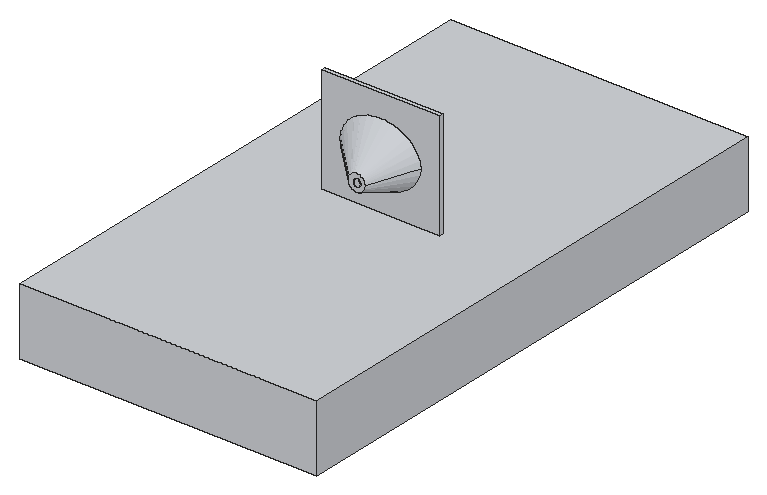
Revit family "M_Lavatório - Oval", category Peças hidrossanitárias, Revit 2019
Family settings
  Hospedeiro = Face
  Cota do conector redondo = Usar raio
  Tipo de parte = Normal
  Número OmniClass = 23.45.05.14.14
  Título OmniClass = Sinks/Lavatories
  ID de item do Seek = Lavatory - Oval-0000-CAN-ENU
  Corte com vazios quando carregada = Não
  Compartilhado = Não
  Ponto de cálculo do ambiente = Não
Parameters (values of type "535 mmx485 mm - Público")
  Raio do sanitário = 16 mm
  Diâmetro do sanitário = Raio do sanitário * 2  # 32 mm
  WFU = 1
  Material da pia = none
  Comprimento do eixo curto oval = 318 mm
  Comprimento do eixo longo oval = 406 mm
  Largura do lavatório = 485 mm
  Comprimento do lavatório = 535 mm
  Altura do lavatório = 152 mm
  Raio da água quente = 7.5 mm
  Diâmetro da água quente = Raio da água quente * 2  # 15 mm
  Comprimento de meio eixo curto oval 1 = Comprimento de meio eixo curto oval - 3.175 mm  # 155.825 mm
  Comprimento de meio eixo curto oval = Comprimento do eixo curto oval / 2  # 159 mm
  Comprimento de meio eixo longo oval 1 = Comprimento de meio eixo longo oval - 3.175 mm  # 199.825 mm
  Comprimento de meio eixo longo oval = Comprimento do eixo longo oval / 2  # 203 mm
  Comprimento de meio lavatório = Comprimento do lavatório / 2  # 267.5 mm
  HWFU = 1.5
  Pressão do fluxo [instance] = 55158.0 Pa
  Material da torneira = none
  Elevação-padrão = 865 mm
  Raio da água gelada = 7.5 mm
  Diâmetro da água gelada = Raio da água gelada * 2  # 15 mm
  CWFU = 1.5
Types (9, lengths in mm): name | Comprimento do eixo curto oval | Comprimento do eixo longo oval | Largura do lavatório | Comprimento do lavatório | Comprimento de meio eixo curto oval 1 | Comprimento de meio eixo curto oval | Comprimento de meio eixo longo oval 1 | Comprimento de meio eixo longo oval | Comprimento de meio lavatório | HWFU | CWFU
  (no name) | 318 | 406 | 485 | 535 | 155.825 | 159 | 199.825 | 203 | 267.5 | 1.5 | 1.5
  535 mmx485 mm - Público | 318 | 406 | 485 | 535 | 155.825 | 159 | 199.825 | 203 | 267.5 | 1.5 | 1.5
  635 mmx510 mm - Público | 406 | 483 | 510 | 635 | 199.825 | 203 | 238.325 | 241.5 | 317.5 | 1.5 | 1.5
  760 mmx610 mm - Público | 318 | 406 | 610 | 760 | 155.825 | 159 | 199.825 | 203 | 380 | 1.5 | 1.5
  915 mmx560 mm - Público | 432 | 508 | 560 | 915 | 212.825 | 216 | 250.825 | 254 | 457.5 | 1.5 | 1.5
  535 mmx485 mm - Privado | 318 | 406 | 485 | 535 | 155.825 | 159 | 199.825 | 203 | 267.5 | 0.5 | 0.5
  635 mmx510 mm - Privado | 406 | 483 | 510 | 635 | 199.825 | 203 | 238.325 | 241.5 | 317.5 | 0.5 | 0.5
  760 mmx610 mm - Privado | 318 | 406 | 610 | 760 | 155.825 | 159 | 199.825 | 203 | 380 | 0.5 | 0.5
  915 mmx560 mm - Privado | 432 | 508 | 560 | 915 | 212.825 | 216 | 250.825 | 254 | 457.5 | 0.5 | 0.5
Reference planes
  plane 1 "Centro (Frente/Trás)": y = 0
  plane 2: z = 0
  plane 3 "Centro (Esquerda/Direita)": x = 0
  plane 4: x = -267.5
  plane 5: x = 267.5
  plane 6: z = 485
  plane 7: y = -152
  plane 8: z = 12.7
  plane 9: z = 63.5
  plane 10: x = -76.2
  plane 11: x = 76.2
  plane 12: y = 25.4
  plane 13: z = 88.9
  plane 14: x = 203
  plane 15: x = -203
  plane 16: z = 247.9
  plane 17: z = 406.9
  plane 18: z = 177.8
  plane 19: y = -19.05
  plane 20: y = -148.825
  plane 21: x = -50.8
  plane 22: x = 50.8
  plane 23: z = 38.1
  plane 24: y = 76.2
  plane 25: x = -12.7
  plane 26: x = 12.7
  plane 27: z = 403.725
  plane 28: z = 92.075
  plane 29: x = 199.825
  plane 30: x = -199.825
Forms (mm)
  Extrusion 1, solid
    sketch origin (0, 0, 0) x (1, 0, 0) y (0, 1, 0)
      loop
        line (-673.9, 1219.2) -> (-673.9, -1219.2) -> (673.9, -1219.2) -> (673.9, 1219.2) -> (-673.9, 1219.2)
    from 0 to -304.8
  Extrusion 2, solid, material <- "Material da pia"
    sketch origin (0, 0, 0) x (1, 0, 0) y (0, 0, 1)
      loop
        line (-267.5, 0) -> (267.5, 0) -> (267.5, 485) -> (-267.5, 485) -> (-267.5, 0)
    from 0 to 19.05
  Extrusion 3, solid, material <- "Material da torneira", detail levels fine
    sketch origin (0, 0, 0) x (1, 0, 0) y (0, 0, 1)
      loop
        line (-76.2, 63.5) -> (-76.2, 12.7) -> (76.2, 12.7) -> (76.2, 63.5) -> (-76.2, 63.5)
    from -25.4 to 0
  Blend 4, solid, material <- "Material da pia"
    base sketch origin (0, 0, 0) x (1, 0, 0) y (0, 0, 1)
      loop
        spline (-203, 247.9) -> (-196.083, 206.748) -> (-175.803, 168.4) -> (-143.543, 135.47) -> (-101.5, 110.202) -> (-52.54, 94.318) -> (0, 88.9) -> (52.54, 94.318) -> (101.5, 110.202) -> (143.543, 135.47) -> (175.803, 168.4) -> (196.083, 206.748) -> (203, 247.9)
        spline (203, 247.9) -> (196.083, 289.052) -> (175.803, 327.4) -> (143.543, 360.33) -> (101.5, 385.598) -> (52.54, 401.482) -> (0, 406.9) -> (-52.54, 401.482) -> (-101.5, 385.598) -> (-143.543, 360.33) -> (-175.803, 327.4) -> (-196.083, 289.052) -> (-203, 247.9)
    top sketch origin (0, 0, 0) x (1, 0, 0) y (0, 0, 1)
      loop
        circle (0, 177.8) r 38.1
    from 0 to 152
  Extrusion 5, solid, material <- "Material da pia"
    sketch origin (0, 0, 0) x (1, 0, 0) y (0, 0, 1)
      loop
        circle (50.8, 38.1) r 12.7
      loop
        circle (-50.8, 38.1) r 12.7
    from 0 to 19.05
  Extrusion 6, solid, material <- "Material da torneira", detail levels fine
    sketch origin (0, 0, 0) x (0, 1, 0) y (0, 0, 1)
      loop
        line (0, 63.5) -> (25.4, 63.5) -> (69.394, 139.7) -> (43.994, 139.7) -> (0, 63.5)
    from -12.7 to 12.7
  Blend 7, void
    base sketch origin (0, 0, 0) x (1, 0, 0) y (0, 0, 1)
      loop
        spline (-199.825, 247.9) -> (-193.016, 207.57) -> (-173.054, 169.987) -> (-141.298, 137.715) -> (-99.912, 112.952) -> (-51.719, 97.385) -> (0, 92.075) -> (51.719, 97.385) -> (99.913, 112.952) -> (141.298, 137.715) -> (173.054, 169.987) -> (193.016, 207.57) -> (199.825, 247.9)
        spline (199.825, 247.9) -> (193.016, 288.23) -> (173.054, 325.812) -> (141.298, 358.085) -> (99.913, 382.848) -> (51.719, 398.415) -> (0, 403.725) -> (-51.719, 398.415) -> (-99.912, 382.848) -> (-141.298, 358.085) -> (-173.054, 325.812) -> (-193.016, 288.23) -> (-199.825, 247.9)
    top sketch origin (0, 0, 0) x (1, 0, 0) y (0, 0, 1)
      loop
        circle (0, 177.8) r 34.925
    from 0 to 148.825
  Extrusion 8, void
    sketch origin (0, 0, 0) x (1, 0, 0) y (0, 0, 1)
      loop
        circle (0, 177.8) r 16
    from 0 to 152
  Extrusion 9, solid, material <- "Material da pia"
    sketch origin (0, 0, 0) x (1, 0, 0) y (0, 0, 1)
      loop
        circle (0, 177.8) r 16
    from 148.825 to 152
  Extrusion 10, solid, material <- "Material da torneira", detail levels fine
    sketch origin (0, 0, 0) x (1, 0, 0) y (0, 0, 1)
      loop
        circle (-50.8, 38.1) r 12.7
      loop
        circle (50.8, 38.1) r 12.7
    from -76.2 to -25.4
Cuts and joins
  joined: Extrusion 3, Extrusion 6, Extrusion 10
  Blend 7 cuts Extrusion 2
  Blend 7, Extrusion 8 cuts Blend 4
  joined: Extrusion 2, Blend 4, Extrusion 5
Lines and regions (mm)
  reference lines
    curve 1: line (0, 0, 63.5) -> (0, 139.7, 305.467)
Dimensions and locks
  "Comprimento de meio lavatório": plane 3 "Centro (Esquerda/Direita)" to plane 4
  "Comprimento do lavatório": plane 5 to plane 4
  "Largura do lavatório": plane 6 to plane 2
  "Altura do lavatório": plane 7 to plane 1 "Centro (Frente/Trás)"
  locked: plane 8 to plane 2 at 12.7
  locked: plane 9 to plane 8 at 50.8
  equal spacing: plane 11, plane 3 "Centro (Esquerda/Direita)", plane 10
  locked: plane 12 to plane 1 "Centro (Frente/Trás)" at 25.4
  locked: plane 9 to plane 13 at 25.4
  "Comprimento do eixo curto oval": plane 13 to plane 17
  equal spacing: plane 13, plane 16, plane 17
  "Comprimento do eixo longo oval": plane 15 to plane 14
  "Comprimento de meio eixo longo oval": plane 3 "Centro (Esquerda/Direita)" to plane 14
  locked: plane 13 to plane 18 at 88.9
  locked: plane 1 "Centro (Frente/Trás)" to plane 19 at 19.05
  locked: plane 20 to plane 7 at 3.175
  locked: plane 10 to plane 21 at 25.4
  locked: plane 11 to plane 22 at 25.4
  equal spacing: plane 8, plane 23, plane 9
  plane 24 to plane 19 = 95.25 mm
  locked: Extrusion 6 sketch curve to Extrusion 6 sketch curve at 25.4
  locked: plane 25 to plane 3 "Centro (Esquerda/Direita)" at 12.7
  locked: plane 3 "Centro (Esquerda/Direita)" to plane 26 at 12.7
  "Comprimento de meio eixo curto oval": Blend 4 sketch curve to Blend 4 sketch curve
  "Comprimento de meio eixo longo oval": Blend 4 sketch curve to Blend 4 sketch curve
  locked: plane 29 to plane 14 at 3.175
  locked: plane 15 to plane 30 at 3.175
  locked: plane 27 to plane 17 at 3.175
  locked: plane 13 to plane 28 at 3.175
  "Comprimento de meio eixo longo oval 1": Blend 7 sketch curve to Blend 7 sketch curve
  "Comprimento de meio eixo curto oval 1": Blend 7 sketch curve to Blend 7 sketch curve
  radius of Blend 4 sketch curve = 38.1 mm
  radius of Extrusion 5 sketch curve = 12.7 mm  (x2)
  radius of Blend 7 sketch curve = 34.925 mm
  "Raio do sanitário": radius of Extrusion 8 sketch curve
  "Raio do sanitário": radius of Extrusion 9 sketch curve
  radius of Extrusion 10 sketch curve = 12.7 mm  (x2)
  locked: plane 1 "Centro (Frente/Trás)" to curve 1 (angle 30.00°)
  aligned and locked: plane 2 to Extrusion 1
  aligned and locked: level to Extrusion 1
  aligned and locked: Extrusion 2 to plane 1 "Centro (Frente/Trás)"
  aligned and locked: Extrusion 2 to plane 4
  aligned and locked: plane 5 to Extrusion 2
  aligned and locked: plane 6 to Extrusion 2
  aligned and locked: Extrusion 2 to plane 2
  aligned and locked: plane 12 to Extrusion 3
  aligned and locked: plane 1 "Centro (Frente/Trás)" to Extrusion 3
  aligned and locked: plane 18 to Blend 4 sketch curve
  aligned and locked: plane 3 "Centro (Esquerda/Direita)" to Blend 4 sketch curve  (x2)
  aligned and locked: Blend 4 to plane 1 "Centro (Frente/Trás)"
  aligned and locked: Blend 4 to plane 7
  aligned and locked: Extrusion 2 to plane 19
  aligned and locked: plane 23 to Extrusion 5 sketch curve  (x2)
  aligned and locked: plane 22 to Extrusion 5 sketch curve
  aligned and locked: plane 21 to Extrusion 5 sketch curve
  aligned and locked: Extrusion 6 sketch curve to plane 9
  aligned and locked: Extrusion 6 to plane 25
  aligned and locked: plane 26 to Extrusion 6
  aligned and locked: plane 16 to Blend 4 sketch curve
  aligned and locked: plane 3 "Centro (Esquerda/Direita)" to Blend 7 sketch curve  (x2)
  aligned and locked: plane 16 to Blend 7 sketch curve
  aligned and locked: plane 18 to Blend 7 sketch curve
  aligned and locked: Blend 7 to plane 20
  aligned and locked: Blend 7 to plane 1 "Centro (Frente/Trás)"
  aligned and locked: Extrusion 5 to plane 19
  aligned and locked: Extrusion 8 to plane 1 "Centro (Frente/Trás)"
  aligned and locked: Extrusion 8 to plane 7
  aligned and locked: cut or joined group of Extrusion 3, Extrusion 6, Extrusion 10 to plane 25
  aligned and locked: plane 26 to cut or joined group of Extrusion 3, Extrusion 6, Extrusion 10
  aligned and locked: plane 3 "Centro (Esquerda/Direita)" to Extrusion 9 sketch curve
  aligned and locked: plane 18 to Extrusion 9 sketch curve
  aligned and locked: Extrusion 9 to plane 7
  aligned and locked: plane 20 to Extrusion 9
  aligned and locked: plane 21 to Extrusion 10 sketch curve
  aligned and locked: plane 22 to Extrusion 10 sketch curve
  aligned and locked: plane 23 to Extrusion 10 sketch curve  (x2)
  aligned and locked: Extrusion 5 to plane 1 "Centro (Frente/Trás)"
  aligned and locked: Extrusion 10 to plane 24
  aligned and locked: Extrusion 10 to plane 12
Automatic sketch dimensions
  Extrusion 2 sketch curve to plane 4 = 0 mm
  Extrusion 2 sketch curve to plane 5 = 0 mm
  Extrusion 2 sketch curve to level = 0 mm
  Extrusion 2 sketch curve to plane 6 = 0 mm
  Extrusion 3 sketch curve to plane 8 = 0 mm
  Extrusion 3 sketch curve to plane 10 = 0 mm
  Extrusion 3 sketch curve to plane 11 = 0 mm
  Extrusion 3 sketch curve to plane 9 = 0 mm
  curve 1 to plane 1 "Centro (Frente/Trás)" = 0 mm
  curve 1 to plane 9 = 0 mm
  Extrusion 6 sketch curve to plane 1 "Centro (Frente/Trás)" = 0 mm
  Extrusion 6 sketch curve to plane 12 = 0 mm
  plane 24 to Extrusion 6 sketch curve = 6.806 mm
  Extrusion 6 sketch curve to plane 18 = 38.1 mm
  Extrusion 8 sketch curve to plane 3 "Centro (Esquerda/Direita)" = 0 mm
  Extrusion 8 sketch curve to plane 18 = 0 mm
  Extrusion 1 sketch curve to Extrusion 1 sketch curve = 1347.8 mm
  Extrusion 1 sketch curve to Extrusion 1 sketch curve = 2438.4 mm
Connectors
  piping at (50.8, -19.05, 38.1), diameter 15, driven by "CWFU", driven by "Raio da água gelada", driven by "Pressão do fluxo"
    settings: on cut or joined group of Extrusion 3, Extrusion 6, Extrusion 10, index 1, connector inside diameter 15 mm, connector length 0 mm, flow factor 0, pipe flow 0.0 L/s, pressure drop 55158.0 Pa, fitting loss kfactor 0, connector angle 0.00°, fixture units 1.5, engagement length 0 mm, angle of deflection 0.00°, flow configuration 3, flow direction 1, fitting loss method 4, system type 20, joint type 0, gender type 0, connector reference index -1, connector utility 0, adjustable connector no, is connector primary yes, connector description "In"
  piping at (-50.8, -19.05, 38.1), diameter 15, driven by "Raio da água quente", driven by "Pressão do fluxo", driven by "HWFU"
    settings: on cut or joined group of Extrusion 3, Extrusion 6, Extrusion 10, index 2, connector inside diameter 15 mm, connector length 0 mm, flow factor 0, pipe flow 0.0 L/s, pressure drop 55158.0 Pa, fitting loss kfactor 0, connector angle 0.00°, fixture units 1.5, engagement length 0 mm, angle of deflection 0.00°, flow configuration 3, flow direction 1, fitting loss method 4, system type 19, joint type 0, gender type 0, connector reference index -1, connector utility 0, adjustable connector no, is connector primary no, connector description "In"
  piping at (0, -152, 177.8), diameter 32, driven by "WFU", driven by "Raio do sanitário"
    settings: on cut or joined group of Extrusion 2, Blend 4, Extrusion 5, Blend 7, Extrusion 8, index 3, connector inside diameter 32 mm, connector length 0 mm, flow factor 0, pipe flow 0.0 L/s, pressure drop 0.0 Pa, fitting loss kfactor 0, connector angle 0.00°, fixture units 1, engagement length 0 mm, angle of deflection 0.00°, flow configuration 3, flow direction 2, fitting loss method 0, system type 16, joint type 0, gender type 0, connector reference index -1, connector utility 0, adjustable connector no, is connector primary no, connector description "Saída"
